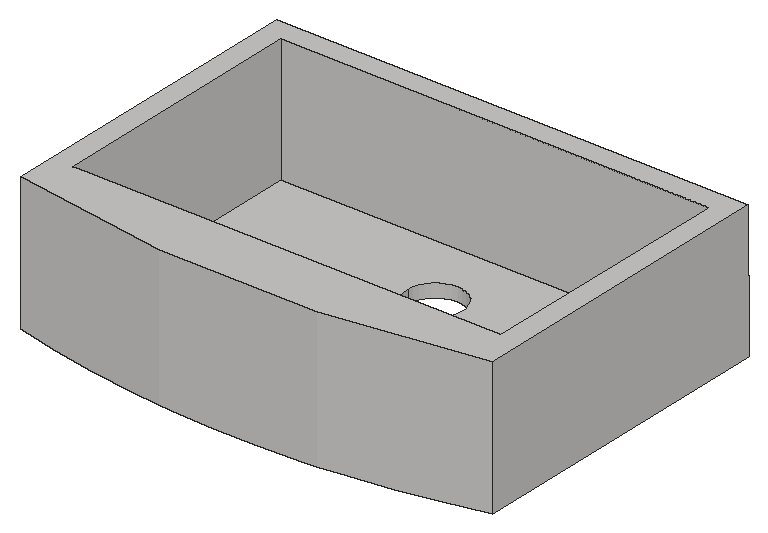
Revit family "Sink-Single_Bowl-American_Standard-PEKOE-18SB.9302200A.075", category Plumbing Fixtures, Revit 2014
Parameters (values of type "18SB.9302200A.075")
  Width = 30"  # constant formula
  Waste Fitting 9028000.075 = yes
  Waste Connection Height = 3"
  Waste Connection Diameter = 1 1/2"  # constant formula
  Waste Connection = yes
  Warranty Information = "Limited Lifetime Warranty"  # constant formula
  Wall Distance = 1"
  WFU = 2  # constant formula
  Vent Connection = no
  Undermount Installation = not(Top Mount Installation)  # no
  URL = "https://www.americanstandard-us.com/"
  Top Mount Installation = yes
  Product Page URL = "https://www.americanstandard-us.com/kitchens/kitchen-sinks/pekoe-30x22-inch-stainless-steel-apron-sink-33065"
  Product Documentation Link = "https://www.americanstandard-us.com/-/media/sites/asus/files/product-specs/kitchen-sinks/2018/pekoe/specsheet-18sb9332200a.pdf?la=en"
  Price = "Prices may vary. Please consult Manufacturer Representative for most up-to-date price list."  # constant formula
  Placement Height = if(Top Mount Installation, 0", 3/4")  # 0"
  Model = "18SB.9302200A.075"  # constant formula
  Material = "Stainless Steel-American Standard-075-Satin"
  Manufacturer = "American Standard"  # constant formula
  Length = 22"  # constant formula
  Installation Type = if(Top Mount Installation, "Top Mount", "Undermount")  # "Top Mount"
  Hot Water Connection Width = Cold Water Connection Width  # 2"
  Hot Water Connection Height = Cold Water Connection Height  # 2"
  Hot Water Connection Diameter = Cold Water Connection Diameter  # 1/2"
  Height = 9"  # constant formula
  HWFU = 1.5  # constant formula
  HW Connection = yes
  Finish = Stainless Steel-American Standard-075-Satin
  Description = "Pekoe® 30 x 22 Single Bowl Apron Front Kitchen Sink 18 Gauge Stainless Steel"  # constant formula
  Default Elevation = 0"
  Cutout Width = if(Top Mount Installation, 30", 27 1/4")  # 30"
  Cutout Length = if(Top Mount Installation, 1 3/8", 0")  # 1 3/8"
  Creation Date = "2/01/2018"  # constant formula
  Cold Water Connection Width = 2"
  Cold Water Connection Height = 2"
  Cold Water Connection Diameter = 1/2"  # constant formula
  CWFU = 1.5  # constant formula
  CW Connection = yes
  Bowl Shape = "Rectangular Apron Front"  # constant formula
  Bottom Grid 7434000.075 = yes
  Assembly Code = "D2010410"
Reference planes (in)
  plane 1 "Center (Front/Back)": y = 0
  plane 2: z = 0
  plane 3 "Center (Left/Right)": x = 0
  plane 4: y = -1
  plane 5: y = -2.375
  plane 6 "waste center": y = -7.125
  plane 7: y = -18.9375
  plane 8: y = -23
  plane 9: x = -15
  plane 10: x = 15
  plane 11: x = 13.625
  plane 12: x = -13.625
  plane 13: z = 0
  plane 14: z = -8
  plane 15: z = -9
  plane 16: y = 46.0625
  plane 17: x = 0
  plane 18: z = 534.99609
  plane 19: z = -8.125
  plane 20: z = -11
  plane 21: z = -12
  plane 22: x = -2
  plane 23: x = 2
  plane 24: y = -0.03125
  plane 25: z = 0.83302
  plane 26: x = -1.75
Forms (in)
  Sweep 1, solid, material "Stainless Steel-American Standard-075-Satin" <- "Finish"
    path origin (-60.41868, -180, 0) x (-1, 0, 0) y (0, -1, 0)
      loop
        line (-45.41868, -161.0625) -> (-45.41868, -179) -> (-75.41868, -179) -> (-75.41868, -161.0625)
    profile origin (-15, -9.96875, 0) x (-1, 0, 0) y (0, 0, 1)
      loop
        line (0, 0) -> (-1.375, 0) -> (-1.375, -9) -> (0, -9) -> (0, 0)
  Extrusion 2, solid, material "Stainless Steel-American Standard-075-Satin" <- "Finish"
    sketch origin (-60.41868, -180, 0) x (-1, 0, 0) y (0, -1, 0)
      loop
        line (-75.41868, -161.0625) -> (-45.41868, -161.0625) -> (-45.41868, -158.64129)
        arc (-45.41868, -158.64129) -> (-60.42043, -157) -> (-75.41868, -158.67284) r 68.71957
        line (-75.41868, -158.67284) -> (-75.41868, -161.0625)
    from -9 to 0
  Extrusion 3, solid, material "Stainless Steel-American Standard-075-Satin" <- "Finish"
    sketch origin (-60.41868, -180, 0) x (-1, 0, 0) y (0, -1, 0)
      loop
        line (-45.41868, -179) -> (-45.41868, -159)
        arc (-45.41868, -159) -> (-60.41868, -157.34293) -> (-75.41868, -159) r 68.71957
        line (-75.41868, -159) -> (-75.41868, -179) -> (-45.41868, -179)
      loop
        circle (-60.41868, -172.875) r 1.75
    from -9 to -8
  Extrusion 4, void
    sketch origin (0, 0, 0) x (1, 0, 0) y (0, 0, 1)
      loop
        arc (15, -8.62891) -> (0, -8.83581) -> (-15, -8.62891) r 543.8319
        line (-15, -8.62891) -> (-15, -9) -> (15, -9) -> (15, -8.62891)
    from 1 to 23.12861
  Sweep 5, solid, material "Stainless Steel-American Standard-075-Satin" <- "Finish"
    path origin (-60.41868, -180, -9) x (-1, 0, 0) y (0, -1, 0)
      loop
        circle (-60.41868, -172.875) r 1.75
    profile origin (0, -5.375, -9) x (0, 1, 0) y (0, 0, 1)
      loop
        line (0, 0.25) -> (0, 0) -> (0.29473, 0)
        arc (0.29473, 0) -> (0.31627, 0.00488) -> (0.3336, 0.01857) r 0.04997
        line (0.3336, 0.01857) -> (0.36265, 0.05452)
        arc (0.36265, 0.05452) -> (0.3709, 0.06928) -> (0.37375, 0.08594) r 0.05
        line (0.37375, 0.08594) -> (0.37375, 0.25) -> (0, 0.25)
  Extrusion 6, void
    sketch origin (27.20018, -186.78147, 0) x (0, -1, 0) y (-1, 0, 0)
      loop
        line (-185.78147, 42.20018) -> (-185.78147, 12.20018) -> (-163.78147, 12.20018) -> (-163.78147, 42.20018) -> (-185.78147, 42.20018)
    from -0.83302 to 9
Cuts and joins
  Extrusion 4 cuts Sweep 1
  Extrusion 4 cuts Extrusion 2
  Extrusion 4 cuts Extrusion 3
  Extrusion 4 cuts Sweep 5
  joined: Sweep 1, Extrusion 2, Extrusion 3, Sweep 5
Lines and regions (in)
  Masking region 1
    outline origin (-60.41868, -180, 0) x (-1, 0, 0) y (0, -1, 0)
      loop
        line (-45.41868, -179) -> (-45.41868, -158.64129)
        arc (-45.41868, -158.64129) -> (-60.42043, -157) -> (-75.41868, -158.67284) r 68.71957
        line (-75.41868, -158.67284) -> (-75.41868, -179) -> (-45.41868, -179)
  symbolic lines, detail levels medium+fine
    curve 1: line (-13.625, -2.375, 0) -> (13.625, -2.375, 0)
    curve 2: line (-13.625, -18.9375, 0) -> (-13.625, -2.375, 0)
    curve 3: line (13.625, -18.9375, 0) -> (-13.625, -18.9375, 0)
    curve 4: line (13.625, -2.375, 0) -> (13.625, -18.9375, 0)
  symbolic lines, detail levels fine
    curve 5: circle (0, -7.125, 0) r 1.75 normal (0, 0, -1)
Dimensions and locks (in)
  locked: plane 6 "waste center" to plane 5 at 4.75
  locked: plane 7 to plane 5 at 16.5625
  "Length": plane 8 to plane 4
  "Width": plane 9 to plane 10
  "Placement Height": level to plane 13
  locked: plane 13 to plane 14 at 8
  "Height": plane 13 to plane 15
  "Wall Distance": plane 4 to plane 1 "Center (Front/Back)"
  locked: plane 5 to plane 4 at 1.375
  equal spacing: plane 9, plane 3 "Center (Left/Right)", plane 10
  equal spacing: plane 23, plane 3 "Center (Left/Right)", plane 22
  "Cold Water Connection Height": plane 15 to plane 20
  "Waste Connection Height": plane 15 to plane 21
  "Cold Water Connection Width": plane 3 "Center (Left/Right)" to plane 22
  locked: plane 24 to plane 1 "Center (Front/Back)" at 0.03125
  locked: plane 25 to level at 0.83302
  locked: plane 19 to plane 15 at 0.875
  locked: plane 16 to plane 5 at 48.4375
  locked: plane 3 "Center (Left/Right)" to plane 26 at 1.75
  locked: plane 9 to plane 12 at 1.375
  locked: plane 11 to plane 10 at 1.375
  plane 12 to plane 11 = 27 1/4"
  "Cutout Width": Extrusion 6 sketch curve to Extrusion 6 sketch curve
  equal spacing: Extrusion 6 sketch curve, plane 3 "Center (Left/Right)", Extrusion 6 sketch curve
  "Cutout Length": plane 5 to Extrusion 6 sketch curve
  aligned and locked: plane 9 to Sweep 1 sketch curve  (x2)
  aligned and locked: plane 4 to Sweep 1 sketch curve
  aligned and locked: Sweep 1 sketch curve to plane 10
  aligned and locked: plane 13 to Sweep 1 sketch curve
  aligned and locked: plane 12 to Sweep 1 sketch curve
  aligned and locked: Extrusion 2 sketch curve to plane 7
  aligned and locked: Extrusion 2 sketch curve to plane 9
  aligned and locked: Extrusion 2 sketch curve to plane 10
  aligned and locked: Extrusion 2 sketch curve to Extrusion 2 sketch curve
  aligned and locked: plane 13 to Extrusion 2
  aligned and locked: Extrusion 2 to Sweep 1
  aligned and locked: plane 15 to Sweep 1 sketch curve
  aligned and locked: Extrusion 3 to plane 15
  aligned and locked: plane 14 to Extrusion 3
  aligned and locked: Extrusion 4 sketch curve to plane 10
  aligned and locked: Extrusion 4 sketch curve to plane 9
  aligned and locked: Extrusion 4 sketch curve to plane 15
  aligned and locked: plane 18 to Extrusion 4 sketch curve
  aligned and locked: plane 17 to Extrusion 4 sketch curve
  aligned and locked: plane 3 "Center (Left/Right)" to Extrusion 3 sketch curve
  aligned and locked: plane 6 "waste center" to Extrusion 3 sketch curve
  aligned and locked: Extrusion 4 to plane 4
  aligned and locked: plane 10 to Extrusion 2
  aligned and locked: Masking region 1 sketch curve to cut or joined group of Sweep 1, Extrusion 2, Extrusion 3, Extrusion 4, Sweep 5
  aligned and locked: plane 8 to Extrusion 6
  aligned and locked: Extrusion 6 to plane 25
  aligned and locked: Extrusion 6 to plane 15
Automatic sketch dimensions
  plane 7 to Sweep 1 sketch curve = 0"  (x2)
  Extrusion 2 sketch curve to plane 3 "Center (Left/Right)" = 0.07053"
  Extrusion 2 sketch curve to plane 16 = 0.34297"
  Extrusion 2 sketch curve to plane 8 = 1.67284"
  plane 4 to Extrusion 3 sketch curve = 0"
  Extrusion 3 sketch curve to plane 10 = 0"
  Extrusion 3 sketch curve to plane 3 "Center (Left/Right)" = 0"
  Extrusion 3 sketch curve to plane 9 = 0"
  Extrusion 3 sketch curve to plane 1 "Center (Front/Back)" = 46 1/16"
  Extrusion 3 sketch curve to plane 8 = 2"
  Extrusion 4 sketch curve to Extrusion 4 sketch curve = 95/256"
  plane 4 to Masking region 1 sketch curve = 0"
  Masking region 1 sketch curve to plane 10 = 0"
  Masking region 1 sketch curve to plane 9 = 0"
  Sweep 5 sketch curve to plane 3 "Center (Left/Right)" = 0"
  plane 6 "waste center" to Sweep 5 sketch curve = 0"
  Sweep 5 sketch curve to plane 15 = 0"
  Sweep 5 sketch curve to profile plane = 0"
  Sweep 5 sketch curve to profile plane = 0.29473"
  Sweep 5 sketch curve to Sweep 5 sketch curve = 0.02902"
  plane 15 to Sweep 5 sketch curve = 0.01857"
  Sweep 5 sketch curve to Sweep 5 sketch curve = 0.03887"
  plane 15 to Sweep 5 sketch curve = 0.05452"
  Sweep 5 sketch curve to Sweep 5 sketch curve = 0.02904"
  Sweep 5 sketch curve to Sweep 5 sketch curve = 0.05"
  Sweep 5 sketch curve to Sweep 5 sketch curve = 21/128"
  plane 5 to curve 1 = 0"
  curve 1 to plane 11 = 0"
  curve 5 to plane 3 "Center (Left/Right)" = 0"
  curve 2 to plane 12 = 0"
  plane 6 "waste center" to curve 5 = 0"
  plane 7 to curve 2 = 0"
  plane 8 to Extrusion 6 sketch curve = 0"
  radius of Extrusion 3 sketch curve = 1 3/4"
  radius of Sweep 5 sketch curve = 1 3/4"
  radius of curve 5 = 1 3/4"
